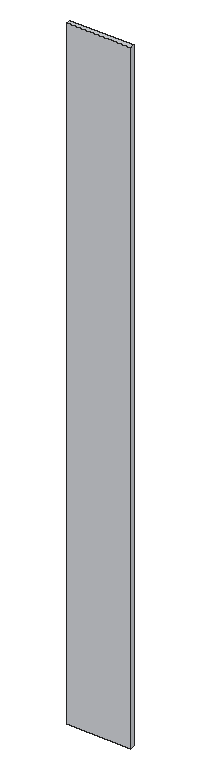
Revit family "Extrusion", category Generic Models, Revit 2025
Family settings
  Can host rebar = No
  Round Connector Dimension = Use Diameter
  Part Type = Normal
  Work Plane-Based = No
  Always vertical = Yes
  Cut with Voids When Loaded = No
  Maintain Annotation Orientation = No
  Shared = No
  Room Calculation Point = No
Parameters
  Width = 1.5"
  Length [instance] = 21.55366"
  Height = 213"
  Default Elevation = 0"
Reference planes (in)
  plane 1 "Center (Front/Back)": y = 0
  plane 2: z = 0
  plane 3 "Center (Left/Right)": x = 0
  plane 4: z = 213
  plane 5: x = -10.77683
  plane 6: x = 10.77683
Forms (in)
  Extrusion 1, solid
    sketch origin (0, 0, 0) x (1, 0, 0) y (0, 1, 0)
      loop
        line (-10.77683, 0.75) -> (-10.77683, -0.75) -> (10.77683, -0.75) -> (10.77683, 0.75) -> (-10.77683, 0.75)
    from 0 to 213
Dimensions and locks (in)
  "Height": plane 4 to plane 2
  equal spacing: Extrusion 1 sketch curve, plane 1 "Center (Front/Back)", Extrusion 1 sketch curve
  "Width": Extrusion 1 sketch curve to Extrusion 1 sketch curve
  equal spacing: plane 5, plane 3 "Center (Left/Right)", plane 6
  "Length": plane 5 to plane 6
  aligned and locked: level to plane 2
  aligned and locked: Extrusion 1 to plane 5  (x2)
  aligned and locked: plane 6 to Extrusion 1
  aligned and locked: plane 4 to Extrusion 1
Automatic sketch dimensions
  Extrusion 1 sketch curve to plane 5 = 0"
  Extrusion 1 sketch curve to plane 6 = 0"
